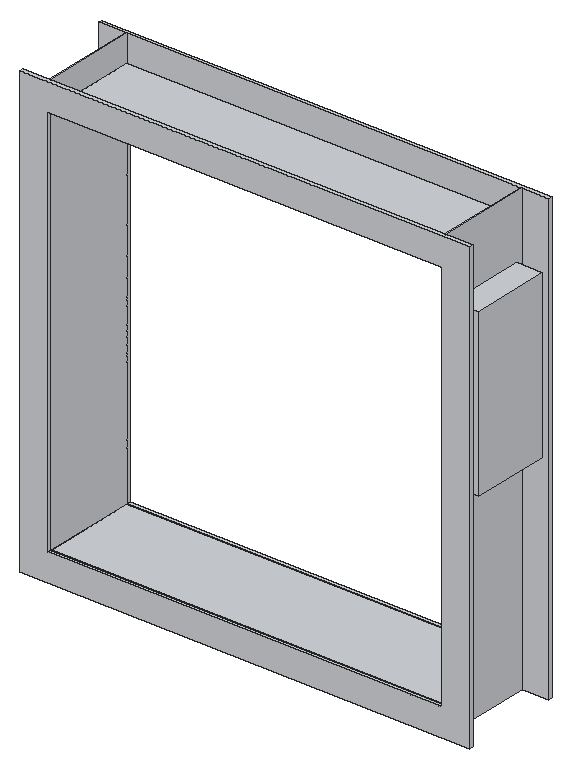
Revit family "MADEL_DAMPER_AIR VOLUME CONTROL_SQR_tarifa", category Accesorios de conductos, Revit 2015 (continued)
Types (230, lengths in mm): name | V[m/s] | Q min | Q max | Q | Product Type | Product Size | Product Reference | Nº Options | Nº  Blades | Lw (dB(A)) Open Damper | Modelo | L | H | DPt Open Damper | Afree | 5N | 15N | 10N
  SQR-EH 400x250 | 4 | 357.21 m³/h | 2500.47 m³/h | 1428.84 m³/h | "SQR-EH 400x250" | "400x250" | "SQR-EH-MO230V-5N" | 2 | 2 | 33.0787 | "SQR-EH 400x250" | 400.0 | 250.0 | 4.07802 Pa | 0.099225 m² | yes | no | no
  SQR-EH 400x200 | 4 | 285.21 m³/h | 1996.47 m³/h | 1140.84 m³/h | "SQR-EH 400x200" | "400x200" | "SQR-EH-MO230V-5N" | 2 | 2 | 33.0787 | "SQR-EH 400x200" | 400.0 | 200.0 | 4.07802 Pa | 0.079225 m² | yes | no | no
  SQR-EH 400x150 | 4 | 214.605 m³/h | 1502.24 m³/h | 858.42 m³/h | "SQR-EH 400x150" | "400x150" | "SQR-EH-MO230V-5N" | 2 | 1 | 33.0787 | "SQR-EH 400x150" | 400.0 | 150.0 | 4.07802 Pa | 0.0596125 m² | yes | no | no
  SQR-EH 400x100 | 4 | 142.605 m³/h | 998.235 m³/h | 570.42 m³/h | "SQR-EH 400x100" | "400x100" | "SQR-EH-MO230V-5N" | 2 | 1 | 33.0787 | "SQR-EH 400x100" | 400.0 | 100.0 | 4.07802 Pa | 0.0396125 m² | yes | no | no
  SQR-EH 300x300 | 4 | 320.895 m³/h | 2246.27 m³/h | 1283.58 m³/h | "SQR-EH 300x300" | "300x300" | "SQR-EH-MO230V-5N" | 2 | 3 | 33.0787 | "SQR-EH 300x300" | 300.0 | 300.0 | 4.07802 Pa | 0.0891375 m² | yes | no | no
  SQR-EH 300x250 | 4 | 267.93 m³/h | 1875.51 m³/h | 1071.72 m³/h | "SQR-EH 300x250" | "300x250" | "SQR-EH-MO230V-5N" | 2 | 2 | 33.0787 | "SQR-EH 300x250" | 300.0 | 250.0 | 4.07802 Pa | 0.074425 m² | yes | no | no
  SQR-EH 300x200 | 4 | 213.93 m³/h | 1497.51 m³/h | 855.72 m³/h | "SQR-EH 300x200" | "300x200" | "SQR-EH-MO230V-5N" | 2 | 2 | 33.0787 | "SQR-EH 300x200" | 300.0 | 200.0 | 4.07802 Pa | 0.059425 m² | yes | no | no
  SQR-EH 300x150 | 4 | 160.965 m³/h | 1126.76 m³/h | 643.86 m³/h | "SQR-EH 300x150" | "300x150" | "SQR-EH-MO230V-5N" | 2 | 1 | 33.0787 | "SQR-EH 300x150" | 300.0 | 150.0 | 4.07802 Pa | 0.0447125 m² | yes | no | no
  SQR-EH 300x100 | 4 | 106.965 m³/h | 748.755 m³/h | 427.86 m³/h | "SQR-EH 300x100" | "300x100" | "SQR-EH-MO230V-5N" | 2 | 1 | 33.0787 | "SQR-EH 300x100" | 300.0 | 100.0 | 4.07802 Pa | 0.0297125 m² | yes | no | no
  SQR-EH 200x200 | 4 | 142.65 m³/h | 998.55 m³/h | 570.6 m³/h | "SQR-EH 200x200" | "200x200" | "SQR-EH-MO230V-5N" | 2 | 2 | 33.0787 | "SQR-EH 200x200" | 200.0 | 200.0 | 4.07802 Pa | 0.039625 m² | yes | no | no
  SQR-EH 200x150 | 4 | 107.325 m³/h | 751.275 m³/h | 429.3 m³/h | "SQR-EH 200x150" | "200x150" | "SQR-EH-MO230V-5N" | 2 | 1 | 33.0787 | "SQR-EH 200x150" | 200.0 | 150.0 | 4.07802 Pa | 0.0298125 m² | yes | no | no
  SQR-EH 200x100 | 4 | 71.325 m³/h | 499.275 m³/h | 285.3 m³/h | "SQR-EH 200x100" | "200x100" | "SQR-EH-MO230V-5N" | 2 | 1 | 33.0787 | "SQR-EH 200x100" | 200.0 | 100.0 | 4.07802 Pa | 0.0198125 m² | yes | no | no
  SQR-EV 1000x200 | 4 | 713.25 m³/h | 4992.75 m³/h | 2853 m³/h | "SQR-EV 1000x200" | "200x1000" | "SQR-EV-MO230V-5N" | 2 | 10 | 33.0787 | "SQR-EV 1000x200" | 200.0 | 1000.0 | 4.07802 Pa | 0.198125 m² | yes | no | no
  SQR-EV 900x200 | 4 | 641.925 m³/h | 4493.48 m³/h | 2567.7 m³/h | "SQR-EV 900x200" | "200x900" | "SQR-EV-MO230V-5N" | 2 | 9 | 33.0787 | "SQR-EV 900x200" | 200.0 | 900.0 | 4.07802 Pa | 0.178313 m² | yes | no | no
  SQR-EV 800x200 | 4 | 570.6 m³/h | 3994.2 m³/h | 2282.4 m³/h | "SQR-EV 800x200" | "200x800" | "SQR-EV-MO230V-5N" | 2 | 8 | 33.0787 | "SQR-EV 800x200" | 200.0 | 800.0 | 4.07802 Pa | 0.1585 m² | yes | no | no
  SQR-EV 700x200 | 4 | 499.275 m³/h | 3494.93 m³/h | 1997.1 m³/h | "SQR-EV 700x200" | "200x700" | "SQR-EV-MO230V-5N" | 2 | 7 | 33.0787 | "SQR-EV 700x200" | 200.0 | 700.0 | 4.07802 Pa | 0.138688 m² | yes | no | no
  SQR-EV 600x200 | 4 | 427.95 m³/h | 2995.65 m³/h | 1711.8 m³/h | "SQR-EH 200x600" | "200x600" | "SQR-EV-MO230V-5N" | 2 | 6 | 33.0787 | "SQR-EH 200x600" | 200.0 | 600.0 | 4.07802 Pa | 0.118875 m² | yes | no | no
  SQR-EV 500x200 | 4 | 356.625 m³/h | 2496.38 m³/h | 1426.5 m³/h | "SQR-EV 500x200" | "200x500" | "SQR-EV-MO230V-5N" | 2 | 5 | 33.0787 | "SQR-EV 500x200" | 200.0 | 500.0 | 4.07802 Pa | 0.0990625 m² | yes | no | no
  SQR-EV 400x200 | 4 | 285.3 m³/h | 1997.1 m³/h | 1141.2 m³/h | "SQR-EV 400x200" | "200x400" | "SQR-EV-MO230V-5N" | 2 | 4 | 33.0787 | "SQR-EV 400x200" | 200.0 | 400.0 | 4.07802 Pa | 0.07925 m² | yes | no | no
  SQR-EV 300x200 | 4 | 213.975 m³/h | 1497.83 m³/h | 855.9 m³/h | "SQR-EV 300x200" | "200x300" | "SQR-EV-MO230V-5N" | 2 | 3 | 33.0787 | "SQR-EV 300x200" | 200.0 | 300.0 | 4.07802 Pa | 0.0594375 m² | yes | no | no
  SQR-EV 1000x300 | 4 | 1069.65 m³/h | 7487.55 m³/h | 4278.6 m³/h | "SQR-EV 1000x300" | "300x1000" | "SQR-EV-MO230V-5N" | 2 | 10 | 33.0787 | "SQR-EV 1000x300" | 300.0 | 1000.0 | 4.07802 Pa | 0.297125 m² | yes | no | no
  SQR-EV 900x300 | 4 | 962.685 m³/h | 6738.8 m³/h | 3850.74 m³/h | "SQR-EV 900x300" | "300x900" | "SQR-EV-MO230V-5N" | 2 | 9 | 33.0787 | "SQR-EV 900x300" | 300.0 | 900.0 | 4.07802 Pa | 0.267413 m² | yes | no | no
  SQR-EV 800x300 | 4 | 855.72 m³/h | 5990.04 m³/h | 3422.88 m³/h | "SQR-EV 800x300" | "300x800" | "SQR-EV-MO230V-5N" | 2 | 8 | 33.0787 | "SQR-EV 800x300" | 300.0 | 800.0 | 4.07802 Pa | 0.2377 m² | yes | no | no
  SQR-EV 700x300 | 4 | 748.755 m³/h | 5241.28 m³/h | 2995.02 m³/h | "SQR-EV 700x300" | "300x700" | "SQR-EV-MO230V-5N" | 2 | 7 | 33.0787 | "SQR-EV 700x300" | 300.0 | 700.0 | 4.07802 Pa | 0.207988 m² | yes | no | no
  SQR-EV 600x300 | 4 | 641.79 m³/h | 4492.53 m³/h | 2567.16 m³/h | "SQR-EV 600x300" | "300x600" | "SQR-EV-MO230V-5N" | 2 | 6 | 33.0787 | "SQR-EV 600x300" | 300.0 | 600.0 | 4.07802 Pa | 0.178275 m² | yes | no | no
  SQR-EV 500x300 | 4 | 534.825 m³/h | 3743.78 m³/h | 2139.3 m³/h | "SQR-EV 500x300" | "300x500" | "SQR-EV-MO230V-5N" | 2 | 5 | 33.0787 | "SQR-EV 500x300" | 300.0 | 500.0 | 4.07802 Pa | 0.148563 m² | yes | no | no
  SQR-EV 400x300 | 4 | 427.86 m³/h | 2995.02 m³/h | 1711.44 m³/h | "SQR-EV 400x300" | "300x400" | "SQR-EV-MO230V-5N" | 2 | 4 | 33.0787 | "SQR-EV 400x300" | 300.0 | 400.0 | 4.07802 Pa | 0.11885 m² | yes | no | no
  SQR-EV 1000x400 | 4 | 1426.05 m³/h | 9982.35 m³/h | 5704.2 m³/h | "SQR-EV 1000x400" | "400x1000" | "SQR-EV-MO230V-5N" | 2 | 10 | 33.0787 | "SQR-EV 1000x400" | 400.0 | 1000.0 | 4.07802 Pa | 0.396125 m² | yes | no | no
  SQR-EV 900x400 | 4 | 1283.45 m³/h | 8984.12 m³/h | 5133.78 m³/h | "SQR-EV 900x400" | "400x900" | "SQR-EV-MO230V-5N" | 2 | 9 | 33.0787 | "SQR-EV 900x400" | 400.0 | 900.0 | 4.07802 Pa | 0.356513 m² | yes | no | no
  SQR-EV 800x400 | 4 | 1140.84 m³/h | 7985.88 m³/h | 4563.36 m³/h | "SQR-EV 800x400" | "400x800" | "SQR-EV-MO230V-5N" | 2 | 8 | 33.0787 | "SQR-EV 800x400" | 400.0 | 800.0 | 4.07802 Pa | 0.3169 m² | yes | no | no
  SQR-EV 700x400 | 4 | 998.235 m³/h | 6987.65 m³/h | 3992.94 m³/h | "SQR-EV 700x400" | "400x700" | "SQR-EV-MO230V-5N" | 2 | 7 | 33.0787 | "SQR-EV 700x400" | 400.0 | 700.0 | 4.07802 Pa | 0.277288 m² | yes | no | no
  SQR-EV 600x400 | 4 | 855.63 m³/h | 5989.41 m³/h | 3422.52 m³/h | "SQR-EV 600x400" | "400x600" | "SQR-EV-MO230V-5N" | 2 | 6 | 33.0787 | "SQR-EV 600x400" | 400.0 | 600.0 | 4.07802 Pa | 0.237675 m² | yes | no | no
  SQR-EV 500x400 | 4 | 713.025 m³/h | 4991.18 m³/h | 2852.1 m³/h | "SQR-EV 500x400" | "400x500" | "SQR-EV-MO230V-5N" | 2 | 5 | 33.0787 | "SQR-EV 500x400" | 400.0 | 500.0 | 4.07802 Pa | 0.198063 m² | yes | no | no
  SQR-EV 1000x500 | 4 | 1782.45 m³/h | 12477.2 m³/h | 7129.8 m³/h | "SQR-EV 1000x500" | "500x1000" | "SQR-EV-MO230V-5N" | 2 | 10 | 33.0787 | "SQR-EV 1000x500" | 500.0 | 1000.0 | 4.07802 Pa | 0.495125 m² | yes | no | no
  SQR-EV 900x500 | 4 | 1604.2 m³/h | 11229.4 m³/h | 6416.82 m³/h | "SQR-EV 900x500" | "500x900" | "SQR-EV-MO230V-5N" | 2 | 9 | 33.0787 | "SQR-EV 900x500" | 500.0 | 900.0 | 4.07802 Pa | 0.445613 m² | yes | no | no
  SQR-EV 800x500 | 4 | 1425.96 m³/h | 9981.72 m³/h | 5703.84 m³/h | "SQR-EV 800x500" | "500x800" | "SQR-EV-MO230V-5N" | 2 | 8 | 33.0787 | "SQR-EV 800x500" | 500.0 | 800.0 | 4.07802 Pa | 0.3961 m² | yes | no | no
  SQR-EV 700x500 | 4 | 1247.72 m³/h | 8734.01 m³/h | 4990.86 m³/h | "SQR-EV 700x500" | "500x700" | "SQR-EV-MO230V-5N" | 2 | 7 | 33.0787 | "SQR-EV 700x500" | 500.0 | 700.0 | 4.07802 Pa | 0.346588 m² | yes | no | no
  SQR-EV 600x500 | 4 | 1069.47 m³/h | 7486.29 m³/h | 4277.88 m³/h | "SQR-EV 600x500" | "500x600" | "SQR-EV-MO230V-5N" | 2 | 6 | 33.0787 | "SQR-EV 600x500" | 500.0 | 600.0 | 4.07802 Pa | 0.297075 m² | yes | no | no
  SQR-EV 1000x600 | 4 | 2138.85 m³/h | 14972 m³/h | 8555.4 m³/h | "SQR-EV 1000x600" | "600x1000" | "SQR-EV-MO230V-5N" | 2 | 10 | 33.0787 | "SQR-EV 1000x600" | 600.0 | 1000.0 | 4.07802 Pa | 0.594125 m² | yes | no | no
  SQR-EV 900x600 | 4 | 1924.97 m³/h | 13474.8 m³/h | 7699.86 m³/h | "SQR-EV 900x600" | "600x900" | "SQR-EV-MO230V-5N" | 2 | 9 | 33.0787 | "SQR-EV 900x600" | 600.0 | 900.0 | 4.07802 Pa | 0.534713 m² | yes | no | no
  SQR-EV 800x600 | 4 | 1711.08 m³/h | 11977.6 m³/h | 6844.32 m³/h | "SQR-EV 800x600" | "600x800" | "SQR-EV-MO230V-5N" | 2 | 8 | 33.0787 | "SQR-EV 800x600" | 600.0 | 800.0 | 4.07802 Pa | 0.4753 m² | yes | no | no
  SQR-EV 700x600 | 4 | 1497.19 m³/h | 10480.4 m³/h | 5988.78 m³/h | "SQR-EV 700x600" | "600x700" | "SQR-EV-MO230V-5N" | 2 | 7 | 33.0787 | "SQR-EV 700x600" | 600.0 | 700.0 | 4.07802 Pa | 0.415888 m² | yes | no | no
  SQR-EV 1000x700 | 4 | 2495.25 m³/h | 17466.8 m³/h | 9981 m³/h | "SQR-EV 1000x700" | "700x1000" | "SQR-EV-MO230V-5N" | 2 | 10 | 33.0787 | "SQR-EV 1000x700" | 700.0 | 1000.0 | 4.07802 Pa | 0.693125 m² | yes | no | no
  SQR-EV 900x700 | 4 | 2245.72 m³/h | 15720.1 m³/h | 8982.9 m³/h | "SQR-EV 900x700" | "700x900" | "SQR-EV-MO230V-5N" | 2 | 9 | 33.0787 | "SQR-EV 900x700" | 700.0 | 900.0 | 4.07802 Pa | 0.623813 m² | yes | no | no
  SQR-EV 800x700 | 4 | 1996.2 m³/h | 13973.4 m³/h | 7984.8 m³/h | "SQR-EV 800x700" | "700x800" | "SQR-EV-MO230V-5N" | 2 | 8 | 33.0787 | "SQR-EV 800x700" | 700.0 | 800.0 | 4.07802 Pa | 0.5545 m² | yes | no | no
  SQR-EV 1100x200 | 4 | 784.575 m³/h | 5492.03 m³/h | 3138.3 m³/h | "SQR-EV 1100x200" | "200x1100" | "SQR-EV-MO230V-5N" | 2 | 11 | 33.0787 | "SQR-EV 1100x200" | 200.0 | 1100.0 | 4.07802 Pa | 0.217938 m² | yes | no | no
  SQR-EV 1100x300 | 4 | 1176.62 m³/h | 8236.31 m³/h | 4706.46 m³/h | "SQR-EV 1100x300" | "300x1100" | "SQR-EV-MO230V-5N" | 2 | 11 | 33.0787 | "SQR-EV 1100x300" | 300.0 | 1100.0 | 4.07802 Pa | 0.326838 m² | yes | no | no
  SQR-EV 1100x400 | 4 | 1568.66 m³/h | 10980.6 m³/h | 6274.62 m³/h | "SQR-EV 1100x400" | "400x1100" | "SQR-EV-MO230V-5N" | 2 | 11 | 33.0787 | "SQR-EV 1100x400" | 400.0 | 1100.0 | 4.07802 Pa | 0.435738 m² | yes | no | no
  SQR-EV 1100x500 | 4 | 1960.7 m³/h | 13724.9 m³/h | 7842.78 m³/h | "SQR-EV 1100x500" | "500x1100" | "SQR-EV-MO230V-5N" | 2 | 11 | 33.0787 | "SQR-EV 1100x500" | 500.0 | 1100.0 | 4.07802 Pa | 0.544637 m² | yes | no | no
  SQR-EV 1100x600 | 4 | 2352.74 m³/h | 16469.1 m³/h | 9410.94 m³/h | "SQR-EV 1100x600" | "600x1100" | "SQR-EV-MO230V-5N" | 2 | 11 | 33.0787 | "SQR-EV 1100x600" | 600.0 | 1100.0 | 4.07802 Pa | 0.653538 m² | yes | no | no
  SQR-EV 1100x700 | 4 | 2744.78 m³/h | 19213.4 m³/h | 10979.1 m³/h | "SQR-EV 1100x700" | "700x1100" | "SQR-EV-MO230V-5N" | 2 | 11 | 33.0787 | "SQR-EV 1100x700" | 700.0 | 1100.0 | 4.07802 Pa | 0.762437 m² | yes | no | no
  SQR-EV 1100x800 | 4 | 3136.82 m³/h | 21957.7 m³/h | 12547.3 m³/h | "SQR-EV 1100x800" | "800x1100" | "SQR-EV-MO230V-10N" | 2 | 11 | 33.0787 | "SQR-EV 1100x800" | 800.0 | 1100.0 | 4.07802 Pa | 0.871338 m² | no | no | yes
  SQR-EV 1100x900 | 4 | 3528.86 m³/h | 24702 m³/h | 14115.4 m³/h | "SQR-EV 1100x900" | "900x1100" | "SQR-EV-MO230V-10N" | 2 | 11 | 33.0787 | "SQR-EV 1100x900" | 900.0 | 1100.0 | 4.07802 Pa | 0.980238 m² | no | no | yes
  SQR-EV 1100x1000 | 4 | 3920.9 m³/h | 27446.3 m³/h | 15683.6 m³/h | "SQR-EV 1100x1000" | "1000x1100" | "SQR-EV-MO230V-10N" | 2 | 11 | 33.0787 | "SQR-EV 1100x1000" | 1000.0 | 1100.0 | 4.07802 Pa | 1.08914 m² | no | no | yes
  SQR-EV 1200x200 | 4 | 855.9 m³/h | 5991.3 m³/h | 3423.6 m³/h | "SQR-EV 1200x200" | "200x1200" | "SQR-EV-MO230V-5N" | 2 | 12 | 33.0787 | "SQR-EV 1200x200" | 200.0 | 1200.0 | 4.07802 Pa | 0.23775 m² | yes | no | no
  SQR-EV 1200x300 | 4 | 1283.58 m³/h | 8985.06 m³/h | 5134.32 m³/h | "SQR-EV 1200x300" | "300x1200" | "SQR-EV-MO230V-5N" | 2 | 12 | 33.0787 | "SQR-EV 1200x300" | 300.0 | 1200.0 | 4.07802 Pa | 0.35655 m² | yes | no | no
  SQR-EV 1200x400 | 4 | 1711.26 m³/h | 11978.8 m³/h | 6845.04 m³/h | "SQR-EV 1200x400" | "400x1200" | "SQR-EV-MO230V-5N" | 2 | 12 | 33.0787 | "SQR-EV 1200x400" | 400.0 | 1200.0 | 4.07802 Pa | 0.47535 m² | yes | no | no
  SQR-EV 1200x500 | 4 | 2138.94 m³/h | 14972.6 m³/h | 8555.76 m³/h | "SQR-EV 1200x500" | "500x1200" | "SQR-EV-MO230V-5N" | 2 | 12 | 33.0787 | "SQR-EV 1200x500" | 500.0 | 1200.0 | 4.07802 Pa | 0.59415 m² | yes | no | no
  SQR-EV 1200x600 | 4 | 2566.62 m³/h | 17966.3 m³/h | 10266.5 m³/h | "SQR-EV 1200x600" | "600x1200" | "SQR-EV-MO230V-5N" | 2 | 12 | 33.0787 | "SQR-EV 1200x600" | 600.0 | 1200.0 | 4.07802 Pa | 0.71295 m² | yes | no | no
  SQR-EV 1200x700 | 4 | 2994.3 m³/h | 20960.1 m³/h | 11977.2 m³/h | "SQR-EV 1200x700" | "700x1200" | "SQR-EV-MO230V-5N" | 2 | 12 | 33.0787 | "SQR-EV 1200x700" | 700.0 | 1200.0 | 4.07802 Pa | 0.83175 m² | yes | no | no
  SQR-EV 1200x800 | 4 | 3421.98 m³/h | 23953.9 m³/h | 13687.9 m³/h | "SQR-EV 1200x800" | "800x1200" | "SQR-EV-MO230V-10N" | 2 | 12 | 33.0787 | "SQR-EV 1200x800" | 800.0 | 1200.0 | 4.07802 Pa | 0.95055 m² | no | no | yes
  SQR-EV 1200x900 | 4 | 3849.66 m³/h | 26947.6 m³/h | 15398.6 m³/h | "SQR-EV 1200x900" | "900x1200" | "SQR-EV-MO230V-10N" | 2 | 12 | 33.0787 | "SQR-EV 1200x900" | 900.0 | 1200.0 | 4.07802 Pa | 1.06935 m² | no | no | yes
  SQR-EV 1200x1000 | 4 | 4277.34 m³/h | 29941.4 m³/h | 17109.4 m³/h | "SQR-EV 1200x1000" | "1000x1200" | "SQR-EV-MO230V-10N" | 2 | 12 | 33.0787 | "SQR-EV 1200x1000" | 1000.0 | 1200.0 | 4.07802 Pa | 1.18815 m² | no | no | yes
  SQR-EV 1000x100 | 4 | 356.85 m³/h | 2497.95 m³/h | 1427.4 m³/h | "SQR-EV 1000x100" | "100x1000" | "SQR-EV-MO230V-5N" | 2 | 10 | 33.0787 | "SQR-EV 1000x100" | 100.0 | 1000.0 | 4.07802 Pa | 0.099125 m² | yes | no | no
  SQR-EV 1000x150 | 4 | 535.05 m³/h | 3745.35 m³/h | 2140.2 m³/h | "SQR-EV 1000x150" | "150x1000" | "SQR-EV-MO230V-5N" | 2 | 10 | 33.0787 | "SQR-EV 1000x150" | 150.0 | 1000.0 | 4.07802 Pa | 0.148625 m² | yes | no | no
  SQR-EV 1000x250 | 4 | 891.45 m³/h | 6240.15 m³/h | 3565.8 m³/h | "SQR-EV 1000x250" | "250x1000" | "SQR-EV-MO230V-5N" | 2 | 10 | 33.0787 | "SQR-EV 1000x250" | 250.0 | 1000.0 | 4.07802 Pa | 0.247625 m² | yes | no | no
  SQR-EV 1200x100 | 4 | 428.22 m³/h | 2997.54 m³/h | 1712.88 m³/h | "SQR-EV 1200x100" | "100x1200" | "SQR-EV-MO230V-5N" | 2 | 12 | 33.0787 | "SQR-EV 1200x100" | 100.0 | 1200.0 | 4.07802 Pa | 0.11895 m² | yes | no | no
  SQR-EV 1200x150 | 4 | 642.06 m³/h | 4494.42 m³/h | 2568.24 m³/h | "SQR-EV 1200x150" | "150x1200" | "SQR-EV-MO230V-5N" | 2 | 12 | 33.0787 | "SQR-EV 1200x150" | 150.0 | 1200.0 | 4.07802 Pa | 0.17835 m² | yes | no | no
  SQR-EV 1200x250 | 4 | 1069.74 m³/h | 7488.18 m³/h | 4278.96 m³/h | "SQR-EV 1200x250" | "250x1200" | "SQR-EV-MO230V-5N" | 2 | 12 | 33.0787 | "SQR-EV 1200x250" | 250.0 | 1200.0 | 4.07802 Pa | 0.29715 m² | yes | no | no
  SQR-EV 200x100 | 4 | 71.37 m³/h | 499.59 m³/h | 285.48 m³/h | "SQR-EV 200x100" | "100x200" | "SQR-EV-MO230V-5N" | 2 | 2 | 33.0787 | "SQR-EV 200x100" | 100.0 | 200.0 | 4.07802 Pa | 0.019825 m² | yes | no | no
  SQR-EV 200x150 | 4 | 107.01 m³/h | 749.07 m³/h | 428.04 m³/h | "SQR-EV 200x150" | "150x200" | "SQR-EV-MO230V-5N" | 2 | 2 | 33.0787 | "SQR-EV 200x150" | 150.0 | 200.0 | 4.07802 Pa | 0.029725 m² | yes | no | no
  SQR-EV 300x100 | 4 | 107.055 m³/h | 749.385 m³/h | 428.22 m³/h | "SQR-EV 300x100" | "100x300" | "SQR-EV-MO230V-5N" | 2 | 3 | 33.0787 | "SQR-EV 300x100" | 100.0 | 300.0 | 4.07802 Pa | 0.0297375 m² | yes | no | no
  SQR-EV 300x150 | 4 | 160.515 m³/h | 1123.61 m³/h | 642.06 m³/h | "SQR-EV 300x150" | "150x300" | "SQR-EV-MO230V-5N" | 2 | 3 | 33.0787 | "SQR-EV 300x150" | 150.0 | 300.0 | 4.07802 Pa | 0.0445875 m² | yes | no | no
  SQR-EV 300x250 | 4 | 267.435 m³/h | 1872.05 m³/h | 1069.74 m³/h | "SQR-EV 300x250" | "250x300" | "SQR-EV-MO230V-5N" | 2 | 3 | 33.0787 | "SQR-EV 300x250" | 250.0 | 300.0 | 4.07802 Pa | 0.0742875 m² | yes | no | no
  SQR-EV 400x100 | 4 | 142.74 m³/h | 999.18 m³/h | 570.96 m³/h | "SQR-EV 400x100" | "100x400" | "SQR-EV-MO230V-5N" | 2 | 4 | 33.0787 | "SQR-EV 400x100" | 100.0 | 400.0 | 4.07802 Pa | 0.03965 m² | yes | no | no
  SQR-EV 400x150 | 4 | 214.02 m³/h | 1498.14 m³/h | 856.08 m³/h | "SQR-EV 400x150" | "150x400" | "SQR-EV-MO230V-5N" | 2 | 4 | 33.0787 | "SQR-EV 400x150" | 150.0 | 400.0 | 4.07802 Pa | 0.05945 m² | yes | no | no
  SQR-EV 400x250 | 4 | 356.58 m³/h | 2496.06 m³/h | 1426.32 m³/h | "SQR-EV 400x250" | "250x400" | "SQR-EV-MO230V-5N" | 2 | 4 | 33.0787 | "SQR-EV 400x250" | 250.0 | 400.0 | 4.07802 Pa | 0.09905 m² | yes | no | no
  SQR-EV 500x100 | 4 | 178.425 m³/h | 1248.98 m³/h | 713.7 m³/h | "SQR-EV 500x100" | "100x500" | "SQR-EV-MO230V-5N" | 2 | 5 | 33.0787 | "SQR-EV 500x100" | 100.0 | 500.0 | 4.07802 Pa | 0.0495625 m² | yes | no | no
  SQR-EV 600x100 | 4 | 214.11 m³/h | 1498.77 m³/h | 856.44 m³/h | "SQR-EV 600x100" | "100x600" | "SQR-EV-MO230V-5N" | 2 | 6 | 33.0787 | "SQR-EV 600x100" | 100.0 | 600.0 | 4.07802 Pa | 0.059475 m² | yes | no | no
  SQR-EV 700x100 | 4 | 249.795 m³/h | 1748.56 m³/h | 999.18 m³/h | "SQR-EV 700x100" | "100x700" | "SQR-EV-MO230V-5N" | 2 | 7 | 33.0787 | "SQR-EV 700x100" | 100.0 | 700.0 | 4.07802 Pa | 0.0693875 m² | yes | no | no
  SQR-EV 800x100 | 4 | 285.48 m³/h | 1998.36 m³/h | 1141.92 m³/h | "SQR-EV 800x100" | "100x800" | "SQR-EV-MO230V-5N" | 2 | 8 | 33.0787 | "SQR-EV 800x100" | 100.0 | 800.0 | 4.07802 Pa | 0.0793 m² | yes | no | no
  SQR-EV 900x100 | 4 | 321.165 m³/h | 2248.16 m³/h | 1284.66 m³/h | "SQR-EV 900x100" | "100x900" | "SQR-EV-MO230V-5N" | 2 | 9 | 33.0787 | "SQR-EV 900x100" | 100.0 | 900.0 | 4.07802 Pa | 0.0892125 m² | yes | no | no
  SQR-EV 900x150 | 4 | 481.545 m³/h | 3370.82 m³/h | 1926.18 m³/h | "SQR-EV 900x150" | "150x900" | "SQR-EV-MO230V-5N" | 2 | 9 | 33.0787 | "SQR-EV 900x150" | 150.0 | 900.0 | 4.07802 Pa | 0.133763 m² | yes | no | no
  SQR-EV 800x150 | 4 | 428.04 m³/h | 2996.28 m³/h | 1712.16 m³/h | "SQR-EV 800x150" | "150x800" | "SQR-EV-MO230V-5N" | 2 | 8 | 33.0787 | "SQR-EV 800x150" | 150.0 | 800.0 | 4.07802 Pa | 0.1189 m² | yes | no | no
  SQR-EV 700x150 | 4 | 374.535 m³/h | 2621.74 m³/h | 1498.14 m³/h | "SQR-EV 700x150" | "150x700" | "SQR-EV-MO230V-5N" | 2 | 7 | 33.0787 | "SQR-EV 700x150" | 150.0 | 700.0 | 4.07802 Pa | 0.104038 m² | yes | no | no
  SQR-EV 600x150 | 4 | 321.03 m³/h | 2247.21 m³/h | 1284.12 m³/h | "SQR-EV 600x150" | "150x600" | "SQR-EV-MO230V-5N" | 2 | 6 | 33.0787 | "SQR-EV 600x150" | 150.0 | 600.0 | 4.07802 Pa | 0.089175 m² | yes | no | no
  SQR-EV 500x150 | 4 | 267.525 m³/h | 1872.68 m³/h | 1070.1 m³/h | "SQR-EV 500x150" | "150x500" | "SQR-EV-MO230V-5N" | 2 | 5 | 33.0787 | "SQR-EV 500x150" | 150.0 | 500.0 | 4.07802 Pa | 0.0743125 m² | yes | no | no
  SQR-EV 500x250 | 4 | 445.725 m³/h | 3120.08 m³/h | 1782.9 m³/h | "SQR-EV 500x250" | "250x500" | "SQR-EV-MO230V-5N" | 2 | 5 | 33.0787 | "SQR-EV 500x250" | 250.0 | 500.0 | 4.07802 Pa | 0.123813 m² | yes | no | no
  SQR-EV 600x250 | 4 | 534.87 m³/h | 3744.09 m³/h | 2139.48 m³/h | "SQR-EV 600x250" | "250x600" | "SQR-EV-MO230V-5N" | 2 | 6 | 33.0787 | "SQR-EV 600x250" | 250.0 | 600.0 | 4.07802 Pa | 0.148575 m² | yes | no | no
  SQR-EV 700x250 | 4 | 624.015 m³/h | 4368.11 m³/h | 2496.06 m³/h | "SQR-EV 700x250" | "250x700" | "SQR-EV-MO230V-5N" | 2 | 7 | 33.0787 | "SQR-EV 700x250" | 250.0 | 700.0 | 4.07802 Pa | 0.173338 m² | yes | no | no
  SQR-EV 800x250 | 4 | 713.16 m³/h | 4992.12 m³/h | 2852.64 m³/h | "SQR-EV 800x250" | "250x800" | "SQR-EV-MO230V-5N" | 2 | 8 | 33.0787 | "SQR-EV 800x250" | 250.0 | 800.0 | 4.07802 Pa | 0.1981 m² | yes | no | no
  SQR-EV 900x250 | 4 | 802.305 m³/h | 5616.14 m³/h | 3209.22 m³/h | "SQR-EV 900x250" | "250x900" | "SQR-EV-MO230V-5N" | 2 | 9 | 33.0787 | "SQR-EV 900x250" | 250.0 | 900.0 | 4.07802 Pa | 0.222863 m² | yes | no | no
  SQR-EV 1100x100 | 4 | 392.535 m³/h | 2747.75 m³/h | 1570.14 m³/h | "SQR-EV 1100x100" | "100x1100" | "SQR-EV-MO230V-5N" | 2 | 11 | 33.0787 | "SQR-EV 1100x100" | 100.0 | 1100.0 | 4.07802 Pa | 0.109038 m² | yes | no | no
  SQR-EV 1100x150 | 4 | 588.555 m³/h | 4119.89 m³/h | 2354.22 m³/h | "SQR-EV 1100x150" | "150x1100" | "SQR-EV-MO230V-5N" | 2 | 11 | 33.0787 | "SQR-EV 1100x150" | 150.0 | 1100.0 | 4.07802 Pa | 0.163488 m² | yes | no | no
  SQR-EV 1100x250 | 4 | 980.595 m³/h | 6864.17 m³/h | 3922.38 m³/h | "SQR-EV 1100x250" | "250x1100" | "SQR-EV-MO230V-5N" | 2 | 11 | 33.0787 | "SQR-EV 1100x250" | 250.0 | 1100.0 | 4.07802 Pa | 0.272388 m² | yes | no | no
  SQR-EH 900x600 | 4.0002 | 1924.83 m³/h | 13473.8 m³/h | 7699.68 m³/h | "SQR-EH 900x600" | "900x600" | "SQR-EH-MO230V-5N" | 2 | 6 | 33.08 | "SQR-EH 900x600" | 900.0 | 600.0 | 4.07843 Pa | 0.534675 m² | yes | no | no
